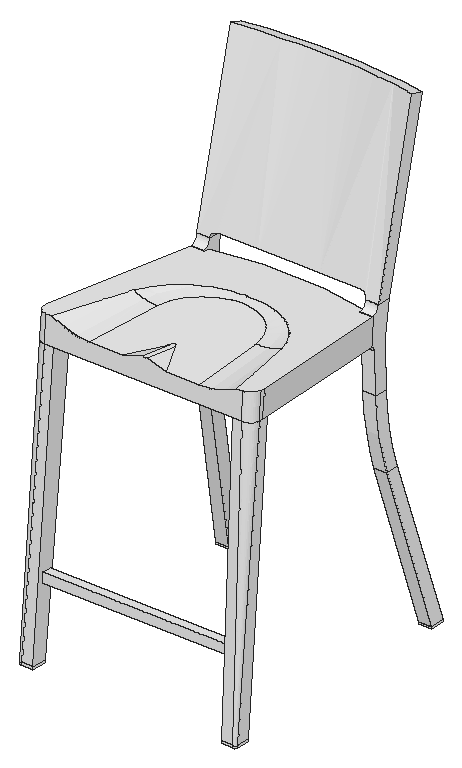
Revit family
Parameters (values of type "HUDCTR-24P")
  Width = 17 3/4"
  Weight (lbs) = 9
  Warranties = "Life-time Warranty"  # constant formula
  URL = "www.emeco.net"
  Trolly for tow Stacks = "N/A"
  Stackable = "Does Not Stack"  # constant formula
  Spinneybeck Volo Leather = "Yes"  # constant formula
  Sound Attenuation Pad = ""
  Seat Pad Finish = EMECO-Black Vinyl
  Seat Pad Accessory [instance] = no
  Seat Material = "EMECO-Recycled Aluminum"  # constant formula
  Seat Height = 24"
  Product Name = "Hudson Counter Stool"  # constant formula
  Outdoor Warranty = "N/A"
  Model = "HUDCTR-24P"
  Manufacturer = "Emeco"  # constant formula
  Integrated Felt Glide = "Yes"  # constant formula
  Height = 37"
  Glides = EMECO-Lexan® Glides
  Frame Material = "EMECO-Recycled Aluminum"  # constant formula
  Frame Finish = EMECO-Hand Polished
  Fire Retardant Seat Pad = "C.o.m; 5yd C.o.l.;10sq Ft"  # constant formula
  Fire Retardant = "Certified Acc To Bs And Cal133"  # constant formula
  Depth = 20 3/4"
  Created by = "Contino"  # constant formula
  Collaborator = "Philippe Starck"  # constant formula
  Back Material = "EMECO-Recycled Aluminum"  # constant formula
  Back Finish = EMECO-Hand Polished
  BIFMA = "Yes"  # constant formula
  Assembly Code = "E2020200"
Types (3): name | Outdoor Warranty | Model | Glides | Frame Finish | Back Finish
  (no name) | "N/A" | "HUDCTR-24P" | EMECO-Lexan® Glides | EMECO-Hand Polished | EMECO-Hand Polished
  HUDCTR-24 | "Life Time Warranty" | "HUDCTR-24" | none | EMECO-Hand Brushed | EMECO-Hand Brushed
  HUDCTR-24P | "N/A" | "HUDCTR-24P" | EMECO-Lexan® Glides | EMECO-Hand Polished | EMECO-Hand Polished
Reference planes (in)
  plane 1 "Center Front/Back": y = 0
  plane 2: z = 0
  plane 3 "Center Left/Right": x = 0
  plane 4 "Top 2": z = 37
  plane 5 "Left 1": x = -8.875
  plane 6 "Front 1": y = -20.75
  plane 7 "Right 1": x = 8.875
  plane 8 "Top 1": z = 24
Forms (in)
  Extrusion 1, solid, material "EMECO-Hand Polished" <- "Frame Finish"
    sketch origin (0, -13.39631, 6.16938) x (1, 0, 0) y (0, 0.997564, -0.069756)
      loop
        line (-7.67717, -7.03553) -> (7.67717, -7.03553)
        arc (7.67717, -7.03553) -> (8.22979, -6.80903) -> (8.46448, -6.25983) r 0.7874
        arc (8.46448, -6.25983) -> (8.47808, -6.09969) -> (8.48087, -5.93899) r 2.38461
        line (8.48087, -5.93899) -> (7.05739, 6.65678)
        arc (7.05739, 6.65678) -> (-0.00036, 7.46876) -> (-7.05774, 6.65365) r 31.01929
        line (-7.05774, 6.65365) -> (-8.48087, -5.93899)
        arc (-8.48087, -5.93899) -> (-8.47808, -6.09969) -> (-8.46448, -6.25983) r 2.38461
        arc (-8.46448, -6.25983) -> (-8.22979, -6.80903) -> (-7.67717, -7.03553) r 0.7874
    from 15.35433 to 17.41119
  Blend 2, solid, material "EMECO-Hand Polished" <- "Back Finish"
    base sketch origin (0, -11.78684, 0) x (1, 0, 0) y (0, 1, 0)
      loop
        line (-7.08659, 10.86996) -> (-7.08659, 9.81574)
        arc (-7.08659, 9.81574) -> (0, 10.76802) -> (7.08659, 9.81574) r 26.84429
        line (7.08659, 9.81574) -> (7.08659, 10.86996)
        arc (7.08659, 10.86996) -> (0, 11.90806) -> (-7.08659, 10.86996) r 24.70731
    top sketch origin (0, -11.78684, 0) x (1, 0, 0) y (0, 1, 0)
      loop
        line (-7.08659, 7.5517) -> (-7.08659, 6.54192) -> (7.08659, 6.54192) -> (7.08659, 7.5517) -> (-7.08659, 7.5517)
    from 37.06003 to 23.71922
  Extrusion 3, solid, material "EMECO-Hand Polished" <- "Frame Finish"
    sketch origin (0, -12.53684, 0) x (0, 1, 0) y (0, 0, -1)
      loop
        line (11.85372, -0.125) -> (10.82044, -0.125) -> (7.7734, -11.83804)
        arc (7.7734, -11.83804) -> (7.22419, -14.62697) -> (7.01034, -17.46141) r 23.875
        line (7.01034, -17.46141) -> (6.96095, -20.59785)
        arc (6.96095, -20.59785) -> (6.82153, -20.91317) -> (6.50198, -21.0426) r 0.4592
        line (6.50198, -21.0426) -> (6.74122, -23.08615)
        arc (6.74122, -23.08615) -> (7.13388, -23.30063) -> (7.29192, -23.71922) r 0.64373
        line (7.29192, -23.71922) -> (8.29972, -23.71922) -> (8.05014, -21.72521)
        arc (8.05014, -21.72521) -> (7.99099, -21.13045) -> (7.96209, -20.53346) r 11.7736
        line (7.96209, -20.53346) -> (8.01021, -17.47715)
        arc (8.01021, -17.47715) -> (8.12919, -15.393) -> (8.41966, -13.32576) r 25.2897
        line (8.41966, -13.32576) -> (11.85372, -0.125)
    from 5.19064 to 8.85173
  Extrusion 4, void
    sketch origin (0, -12.53684, 0) x (-1, 0, 0) y (0, 0, -1)
      loop
        line (7.47068, 0.125) -> (4.44848, 0.125) -> (4.44848, -27.73241) -> (10.94848, -27.73241) -> (10.94848, 0.125) -> (8.45982, 0.125)
        arc (8.45982, 0.125) -> (7.79747, -5.84705) -> (7.33687, -11.83804) r 178.1761
        arc (7.33687, -11.83804) -> (7.19067, -14.64875) -> (7.08888, -17.46141) r 178.1761
        arc (7.08888, -17.46141) -> (7.04407, -20.5903) -> (7.08659, -23.71922) r 112.12026
        line (7.08659, -23.71922) -> (6.08661, -23.71922) -> (6.08661, -17.9493)
        arc (6.08661, -17.9493) -> (6.19095, -14.89255) -> (6.34774, -11.83804) r 178.1761
        arc (6.34774, -11.83804) -> (6.80834, -5.84705) -> (7.47068, 0.125) r 178.1761
    from -14.00461 to -4.78307
  Extrusion 5, void
    sketch origin (0, -12.53684, 5.72598) x (1, 0, 0) y (0, 0, 1)
      loop
        arc (-5.58654, 18.49324) -> (-5.94015, 18.34677) -> (-6.08661, 17.99316) r 0.50007
        line (-6.08661, 17.99316) -> (-6.08661, 17.36018) -> (6.08797, 17.36018) -> (6.08797, 18.00107)
        arc (6.08797, 18.00107) -> (5.94382, 18.34909) -> (5.5958, 18.49324) r 0.49217
        line (5.5958, 18.49324) -> (-5.58654, 18.49324)
    from -9.33335 to -5.72296
  Extrusion 6, solid, material "EMECO-Black Vinyl" <- "Seat Pad Finish", visible <- "Seat Pad Accessory"
    sketch origin (0, -12.51045, 6.4193) x (1, 0, 0) y (0, 0.997536, -0.070161)
      loop
        line (-7.69586, -7.91214) -> (7.69586, -7.91214)
        arc (7.69586, -7.91214) -> (8.28828, -7.60533) -> (8.49952, -6.9725) r 0.88739
        line (8.49952, -6.9725) -> (8.46457, -6.42014) -> (7.0093, 5.80591)
        arc (7.0093, 5.80591) -> (-0.00084, 6.60473) -> (-7.01015, 5.79873) r 31.01929
        line (-7.01015, 5.79873) -> (-8.46457, -6.42013) -> (-8.49952, -6.9725)
        arc (-8.49952, -6.9725) -> (-8.28828, -7.60533) -> (-7.69586, -7.91214) r 0.88739
    from 17.09691 to 17.57515
  Extrusion 7, void
    sketch origin (0, -12.53684, 0) x (0, 1, 0) y (0, 0, 1)
      loop
        line (13.32858, 38.06238) -> (10.83584, 38.87232) -> (10.26579, 37.11788) -> (12.7758, 36.36109) -> (13.32858, 38.06238)
    from -11.56263 to 12
  Extrusion 8, solid, material "EMECO-Hand Polished" <- "Frame Finish"
    sketch origin (0, 0, 0) x (0, 1, 0) y (0, 0, 1)
      loop
        line (-19.42784, 5.8006) -> (-19.37786, 6.51536) -> (-20.16335, 6.57029) -> (-20.21333, 5.85552) -> (-19.42784, 5.8006)
    from -7.38976 to 7.4942
  Blend 9, solid, material "EMECO-Hand Polished" <- "Frame Finish"
    base sketch origin (0, -12.53366, 0) x (-1, 0, 0) y (0, -1, 0)
      loop
        line (-7.33957, 8.34691) -> (-8.26772, 8.34691)
        arc (-8.26772, 8.34691) -> (-8.40691, 8.28925) -> (-8.46457, 8.15006) r 0.19685
        line (-8.46457, 8.15006) -> (-8.46457, 7.22191) -> (-7.33957, 7.22191) -> (-7.33957, 8.34691)
    top sketch origin (0, -12.53366, 0) x (-1, 0, 0) y (0, -1, 0)
      loop
        line (-6.96466, 5.3068) -> (-6.96466, 6.8068) -> (-7.67717, 6.8068)
        spline (-7.67717, 6.8068) -> (-7.77994, 6.80008) -> (-7.88096, 6.78004) -> (-7.97849, 6.74701) -> (-8.07087, 6.70157) -> (-8.1565, 6.64449) -> (-8.23394, 6.57674) -> (-8.30185, 6.49949) -> (-8.35907, 6.41406) -> (-8.40463, 6.32191) -> (-8.43774, 6.22462) -> (-8.45783, 6.12385) -> (-8.46457, 6.02132)
        line (-8.46457, 6.02132) -> (-8.46466, 5.3068) -> (-6.96466, 5.3068)
    from 0.1875 to 21.97709
  Extrusion 10, solid, material "EMECO-Black Vinyl" <- "Seat Pad Finish", visible <- "Seat Pad Accessory"
    sketch origin (-0.00646, -10.99052, 4.92552) x (1, 0, 0) y (0, 0.069756, 0.997564)
      loop
        line (-4.3007, 17.70968) -> (-1.74617, 17.70966)
        arc (-1.74617, 17.70966) -> (-0.96645, 17.88203) -> (-0.20684, 18.12834) r 8.32274
        arc (-0.20684, 18.12834) -> (-0.00643, 18.16496) -> (0.19398, 18.12834) r 0.56658
        arc (0.19398, 18.12834) -> (0.95359, 17.88203) -> (1.73331, 17.70966) r 8.32274
        line (1.73331, 17.70966) -> (4.29733, 17.70968)
        arc (4.29733, 17.70968) -> (5.81055, 17.90637) -> (7.22285, 18.48422) r 5.90545
        line (7.22285, 18.48422) -> (-7.22623, 18.48422)
        arc (-7.22623, 18.48422) -> (-5.81392, 17.90637) -> (-4.3007, 17.70968) r 5.90545
    from 6.93907 to 9.52553
  Extrusion 11, void
    sketch origin (0, -2.78074, 5.36005) x (0, 0.997564, -0.069756) y (0, 0.069756, 0.997564)
      loop
        line (-17.68161, 17.61699) -> (-18.06559, 17.61699) -> (-18.06559, 16.5839) -> (-17.68161, 16.5839) -> (-17.68161, 17.61699)
    from -3.32715 to 2.87922
  Extrusion 12, solid, material "EMECO-Hand Polished" <- "Frame Finish"
    sketch origin (-0.01289, -2.88531, 2.96692) x (1, 0, 0) y (0, 0.148347, 0.988935)
      loop
        arc (-0.20043, 18.05396) -> (-1.05652, 17.78289) -> (-1.93677, 17.6054) r 8.34335
        line (-1.93677, 17.6054) -> (1.93677, 17.6054)
        arc (1.93677, 17.6054) -> (1.05652, 17.78289) -> (0.20043, 18.05396) r 8.34335
        arc (0.20043, 18.05396) -> (0, 18.09048) -> (-0.20043, 18.05396) r 0.56823
    from 11.40776 to 19.46107
  Extrusion 13, solid, material "EMECO-Hand Polished" <- "Frame Finish"
    sketch origin (0, -12.53684, 0) x (0, 1, 0) y (0, 0, 1)
      loop
        line (11.85372, 0.125) -> (8.41966, 13.32576)
        arc (8.41966, 13.32576) -> (8.12919, 15.393) -> (8.01021, 17.47715) r 25.2897
        line (8.01021, 17.47715) -> (7.96209, 20.53346)
        arc (7.96209, 20.53346) -> (7.99099, 21.13045) -> (8.05014, 21.72521) r 11.7736
        line (8.05014, 21.72521) -> (8.29972, 23.71922) -> (7.29192, 23.71922)
        arc (7.29192, 23.71922) -> (7.13388, 23.30063) -> (6.74122, 23.08615) r 0.64373
        line (6.74122, 23.08615) -> (6.50198, 21.0426)
        arc (6.50198, 21.0426) -> (6.82153, 20.91317) -> (6.96095, 20.59785) r 0.4592
        line (6.96095, 20.59785) -> (7.01034, 17.46141)
        arc (7.01034, 17.46141) -> (7.22419, 14.62697) -> (7.7734, 11.83804) r 23.875
        line (7.7734, 11.83804) -> (10.82044, 0.125) -> (11.85372, 0.125)
    from 5.19064 to 8.85173
  Extrusion 14, void
    sketch origin (0, -12.53684, 0) x (1, 0, 0) y (0, 0, 1)
      loop
        arc (7.47068, -0.125) -> (6.80834, 5.84705) -> (6.34774, 11.83804) r 178.1761
        arc (6.34774, 11.83804) -> (6.19095, 14.89255) -> (6.08661, 17.9493) r 178.1761
        line (6.08661, 17.9493) -> (6.08661, 23.71922) -> (7.08659, 23.71922)
        arc (7.08659, 23.71922) -> (7.04407, 20.5903) -> (7.08888, 17.46141) r 112.12026
        arc (7.08888, 17.46141) -> (7.19067, 14.64875) -> (7.33687, 11.83804) r 178.1761
        arc (7.33687, 11.83804) -> (7.79747, 5.84705) -> (8.45982, -0.125) r 178.1761
        line (8.45982, -0.125) -> (10.94848, -0.125) -> (10.94848, 27.73241) -> (4.44848, 27.73241) -> (4.44848, -0.125) -> (7.47068, -0.125)
    from -14.00461 to -4.78307
  Sweep 15, void
    path in 3D
      loop
        line (-4.41763, -20.66424, 23.25628) -> (-3.83185, -13.18715, 23.25628)
        arc (-3.83185, -13.18715, 23.25628) -> (-0.00815, -9.6513, 23.25628) -> (3.81555, -13.18715, 23.25628) r 3.83542
        line (3.81555, -13.18715, 23.25628) -> (4.40134, -20.66424, 23.25628)
    profile origin (-4.12474, -16.92569, 23.25628) x (-0.996937, 0.078104, -0.004093) y (-0.004081, 0.00032, 0.999992)
      loop
        spline (0, 0) -> (0.25454, 0.00653) -> (0.50857, 0.02403) -> (0.76162, 0.05246) -> (1.01321, 0.09178) -> (1.26288, 0.14191) -> (1.51017, 0.20276) -> (1.75463, 0.27422) -> (1.9958, 0.35615) -> (2.23323, 0.44841) -> (2.46649, 0.55082) -> (2.69514, 0.66319) -> (2.91877, 0.78532)
        line (2.91877, 0.78532) -> (-0.00317, 0.77336) -> (0, 0)
  Extrusion 16, void
    sketch origin (0, 0, -5.54297) x (1, 0, 0) y (0, 1, 0)
      loop
        line (-4.46352, -21.25) -> (4.44723, -21.25) -> (3.81555, -13.18715)
        arc (3.81555, -13.18715) -> (-0.00815, -9.6513) -> (-3.83185, -13.18715) r 3.83542
        line (-3.83185, -13.18715) -> (-4.46352, -21.25)
    from 28.79925 to 29.85235
  Extrusion 17, void
    sketch origin (0, 0, 0) x (0, 1, 0) y (0, 0, 1)
      loop
        line (-19.42453, 21.98274) -> (-17.73939, 21.86491) -> (-17.67837, 22.73755) -> (-19.36351, 22.85538) -> (-19.42453, 21.98274)
    from -10.50514 to 9.67276
  Extrusion 18, solid, material "EMECO-Lexan® Glides" <- "Glides"
    sketch origin (0, 0, 0) x (1, 0, 0) y (0, 1, 0)
      loop
        line (7.33957, -19.75557) -> (7.33957, -20.88057) -> (8.26772, -20.88057)
        arc (8.26772, -20.88057) -> (8.40691, -20.82291) -> (8.46457, -20.68372) r 0.19685
        line (8.46457, -20.68372) -> (8.46457, -19.75557) -> (7.33957, -19.75557)
    from 0 to 0.1875
  Extrusion 19, solid, material "EMECO-Lexan® Glides" <- "Glides"
    sketch origin (0, 0, 0) x (-1, 0, 0) y (0, -1, 0)
      loop
        line (7.33957, 19.75557) -> (8.46457, 19.75557) -> (8.46457, 20.68372)
        arc (8.46457, 20.68372) -> (8.40691, 20.82291) -> (8.26772, 20.88057) r 0.19685
        line (8.26772, 20.88057) -> (7.33957, 20.88057) -> (7.33957, 19.75557)
    from 0 to 0.1875
  Blend 20, solid, material "EMECO-Hand Polished" <- "Frame Finish"
    base sketch origin (0, -12.53366, 0) x (1, 0, 0) y (0, 1, 0)
      loop
        line (-7.33957, -8.34691) -> (-7.33957, -7.22191) -> (-8.46457, -7.22191) -> (-8.46457, -8.15006)
        arc (-8.46457, -8.15006) -> (-8.40691, -8.28925) -> (-8.26772, -8.34691) r 0.19685
        line (-8.26772, -8.34691) -> (-7.33957, -8.34691)
    top sketch origin (0, -12.53366, 0) x (1, 0, 0) y (0, 1, 0)
      loop
        line (-6.96466, -5.3068) -> (-8.46466, -5.3068) -> (-8.46457, -6.02132)
        spline (-8.46457, -6.02132) -> (-8.45783, -6.12385) -> (-8.43774, -6.22462) -> (-8.40463, -6.32191) -> (-8.35907, -6.41406) -> (-8.30185, -6.49949) -> (-8.23394, -6.57674) -> (-8.1565, -6.64449) -> (-8.07087, -6.70157) -> (-7.97849, -6.74701) -> (-7.88096, -6.78004) -> (-7.77994, -6.80008) -> (-7.67717, -6.8068)
        line (-7.67717, -6.8068) -> (-6.96466, -6.8068) -> (-6.96466, -5.3068)
    from 0.1875 to 21.97709
  Extrusion 21, solid, material "EMECO-Lexan® Glides" <- "Glides"
    sketch origin (0, 0, 0) x (1, 0, 0) y (0, 1, 0)
      loop
        line (7.43886, -0.68312) -> (7.43886, -1.7164) -> (8.42799, -1.7164) -> (8.42799, -0.68312) -> (7.43886, -0.68312)
    from 0 to 0.125
  Extrusion 22, solid, material "EMECO-Lexan® Glides" <- "Glides"
    sketch origin (0, 0, 0) x (-1, 0, 0) y (0, -1, 0)
      loop
        line (7.43886, 0.68312) -> (8.42799, 0.68312) -> (8.42799, 1.7164) -> (7.43886, 1.7164) -> (7.43886, 0.68312)
    from 0 to 0.125
Cuts and joins
  Extrusion 4, Extrusion 14 cuts Extrusion 3
  Extrusion 5, Extrusion 7 cuts Blend 2
  Sweep 15, Extrusion 16 cuts Extrusion 1
  Extrusion 11, Extrusion 14 cuts Extrusion 12
  joined: Extrusion 1, Extrusion 12
  Extrusion 14 cuts Extrusion 13
  Extrusion 17 cuts Blend 9
  Extrusion 17 cuts Blend 20
Lines and regions (in)
  Masking region 1
    outline origin (0, -9.58415, 0) x (0, 1, 0) y (0, 0, 1)
      loop
        line (-9.61931, 24.02919) -> (-11.29953, 0.00095) -> (-10.28377, 0.00095) -> (-8.22062, 21.87154) -> (3.58644, 21.0411)
        arc (3.58644, 21.0411) -> (3.88193, 20.89997) -> (4.00827, 20.59785) r 0.4592
        line (4.00827, 20.59785) -> (4.05765, 17.46141)
        arc (4.05765, 17.46141) -> (4.27151, 14.62697) -> (4.82071, 11.83804) r 23.875
        line (4.82071, 11.83804) -> (7.90027, 0) -> (8.93355, 0) -> (5.46698, 13.32576)
        arc (5.46698, 13.32576) -> (5.17651, 15.393) -> (5.05752, 17.47715) r 25.2897
        line (5.05752, 17.47715) -> (5.00258, 20.9672) -> (5.40962, 24.21922)
        arc (5.40962, 24.21922) -> (5.46286, 24.61247) -> (5.52398, 25.00457) r 19.75453
        arc (5.52398, 25.00457) -> (5.60352, 25.35483) -> (5.69081, 25.70323) r 16.18256
        line (5.69081, 25.70323) -> (6.50851, 28.28054) -> (8.6536, 33.72533) -> (9.52367, 36.43575) -> (7.62322, 37.00875) -> (4.72355, 25.95701)
        arc (4.72355, 25.95701) -> (4.51794, 25.09617) -> (4.39847, 24.21922) r 8.93892
        line (4.39847, 24.21922) -> (4.33691, 23.69625)
        arc (4.33691, 23.69625) -> (4.15821, 23.30306) -> (3.78459, 23.08643) r 0.70922
        line (3.78459, 23.08643) -> (-9.61931, 24.02919)
  Masking region 2
    outline origin (0.00518, 0, 0) x (1, 0, 0) y (0, 0, 1)
      loop
        line (7.08222, 23.99575) -> (7.08824, 37.01223)
        spline (7.08824, 37.01223) -> (5.92612, 36.93326) -> (4.75354, 36.86845) -> (3.57256, 36.81791) -> (2.38528, 36.78173) -> (1.19378, 36.75996) -> (0.00017, 36.75266) -> (-1.19345, 36.75983) -> (-2.38498, 36.78147) -> (-3.57231, 36.81752) -> (-4.75335, 36.86794) -> (-5.92601, 36.93262) -> (-7.08824, 37.01146)
        line (-7.08824, 37.01146) -> (-7.08222, 23.99575)
        arc (-7.08222, 23.99575) -> (-7.77139, 24.01138) -> (-8.4595, 23.97017) r 8.35957
        line (-8.4595, 23.97017) -> (-8.4595, 0) -> (-7.33454, 0)
        arc (-7.33454, 0) -> (-6.99299, 2.86875) -> (-6.69799, 5.74266) r 178.1761
        line (-6.69799, 5.74266) -> (6.69787, 5.74266)
        arc (6.69787, 5.74266) -> (6.99287, 2.86875) -> (7.33443, 0) r 178.1761
        line (7.33443, 0) -> (8.4595, 0) -> (8.4595, 23.97017)
        arc (8.4595, 23.97017) -> (7.77139, 24.01138) -> (7.08222, 23.99575) r 8.35957
      loop
        arc (6.08143, 21.00202) -> (-0.00518, 20.94202) -> (-6.0918, 21.00222) r 308.25917
        line (-6.0918, 21.00222) -> (-6.0918, 14.42343)
        arc (-6.0918, 14.42343) -> (-6.15516, 13.13049) -> (-6.22792, 11.83804) r 178.1761
        arc (-6.22792, 11.83804) -> (-6.40502, 9.2091) -> (-6.62097, 6.58307) r 178.1761
        line (-6.62097, 6.58307) -> (6.61061, 6.58307)
        arc (6.61061, 6.58307) -> (6.39465, 9.2091) -> (6.21756, 11.83804) r 178.1761
        arc (6.21756, 11.83804) -> (6.1448, 13.13049) -> (6.08143, 14.42343) r 178.1761
        line (6.08143, 14.42343) -> (6.08143, 21.00202)
      loop
        line (5.58796, 24.21922) -> (-5.59833, 24.21922)
        arc (-5.59833, 24.21922) -> (-5.92186, 24.09794) -> (-6.08595, 23.79387) r 0.49217
        arc (-6.08595, 23.79387) -> (-5.69156, 23.6765) -> (-5.28936, 23.5896) r 5.38111
        arc (-5.28936, 23.5896) -> (-4.82394, 23.52833) -> (-4.35494, 23.50785) r 5.38111
        line (-4.35494, 23.50785) -> (-1.94523, 23.50785)
        arc (-1.94523, 23.50785) -> (-1.17414, 23.64655) -> (-0.4282, 23.88609) r 5.90648
        arc (-0.4282, 23.88609) -> (-0.37028, 23.90702) -> (-0.31121, 23.92442) r 1.01876
        arc (-0.31121, 23.92442) -> (-0.16055, 23.96994) -> (-0.00518, 23.99506) r 1.18364
        arc (-0.00518, 23.99506) -> (0.13924, 23.97241) -> (0.27977, 23.93213) r 1.18364
        arc (0.27977, 23.93213) -> (0.35486, 23.91194) -> (0.4282, 23.88609) r 1.01876
        arc (0.4282, 23.88609) -> (1.17414, 23.64655) -> (1.94523, 23.50785) r 5.90648
        line (1.94523, 23.50785) -> (4.35494, 23.50785)
        arc (4.35494, 23.50785) -> (4.82394, 23.52833) -> (5.28936, 23.5896) r 5.38111
        arc (5.28936, 23.5896) -> (5.68649, 23.6752) -> (6.07603, 23.79051) r 5.38111
        arc (6.07603, 23.79051) -> (5.91277, 24.09682) -> (5.58796, 24.21922) r 0.49217
  Masking region 3
    outline origin (0, -13.0028, 0) x (1, 0, 0) y (0, 1, 0)
      loop
        line (7.38976, -6.98731) -> (7.38976, -7.88094) -> (8.26772, -7.88094)
        arc (8.26772, -7.88094) -> (8.40691, -7.82328) -> (8.46457, -7.68409) r 0.19685
        line (8.46457, -7.68409) -> (8.46457, -4.96053) -> (7.08741, 7.1957) -> (7.08741, 7.43302)
        arc (7.08741, 7.43302) -> (7.1494, 7.51108) -> (7.18601, 7.6038) r 0.33891
        arc (7.18601, 7.6038) -> (7.27719, 7.9186) -> (7.34447, 8.23936) r 4.36055
        arc (7.34447, 8.23936) -> (7.81933, 9.80782) -> (8.46457, 11.31421) r 14.81022
        line (8.46457, 11.31421) -> (8.46457, 12.3522) -> (7.45473, 12.3522)
        spline (7.45473, 12.3522) -> (7.42224, 12.28543) -> (7.39013, 12.21865) -> (7.3584, 12.15185) -> (7.32703, 12.08504) -> (7.29604, 12.01822) -> (7.26543, 11.95139) -> (7.23518, 11.88455) -> (7.20531, 11.8177) -> (7.17581, 11.75084) -> (7.14669, 11.68397) -> (7.11794, 11.61709) -> (7.08956, 11.5502)
        line (7.08956, 11.5502) -> (7.08956, 11.99901)
        arc (7.08956, 11.99901) -> (0, 12.94205) -> (-7.08956, 11.99901) r 27.12022
        line (-7.08956, 11.99901) -> (-7.08956, 11.5502)
        spline (-7.08956, 11.5502) -> (-7.11794, 11.61709) -> (-7.14669, 11.68397) -> (-7.17581, 11.75084) -> (-7.20531, 11.8177) -> (-7.23518, 11.88455) -> (-7.26543, 11.95139) -> (-7.29604, 12.01822) -> (-7.32703, 12.08504) -> (-7.3584, 12.15185) -> (-7.39013, 12.21865) -> (-7.42224, 12.28543) -> (-7.45473, 12.3522)
        line (-7.45473, 12.3522) -> (-8.46457, 12.3522) -> (-8.46457, 11.31421)
        arc (-8.46457, 11.31421) -> (-7.81933, 9.80782) -> (-7.34447, 8.23936) r 14.81022
        arc (-7.34447, 8.23936) -> (-7.27719, 7.9186) -> (-7.18601, 7.6038) r 4.36055
        arc (-7.18601, 7.6038) -> (-7.1494, 7.51108) -> (-7.08741, 7.43302) r 0.33891
        line (-7.08741, 7.43302) -> (-7.08741, 7.19569) -> (-8.46457, -4.96053) -> (-8.46457, -7.68356)
        arc (-8.46457, -7.68356) -> (-8.4071, -7.82309) -> (-8.26772, -7.88094) r 0.19685
        line (-8.26772, -7.88094) -> (-7.38976, -7.88094) -> (-7.38976, -6.98731) -> (7.38976, -6.98731)
      loop
        arc (5.57436, 7.82051) -> (5.15581, 7.82984) -> (4.73724, 7.83845) r 240.62816
        spline (4.73724, 7.83845) -> (4.84936, 7.82092) -> (4.96142, 7.80299) -> (5.07341, 7.78465) -> (5.18534, 7.76589) -> (5.29719, 7.74673) -> (5.40898, 7.72717) -> (5.52069, 7.70719) -> (5.63233, 7.68681) -> (5.74389, 7.66602) -> (5.85537, 7.64482) -> (5.96678, 7.62321) -> (6.07811, 7.6012)
        line (6.07811, 7.6012) -> (6.07811, 7.69112)
        spline (6.07811, 7.69112) -> (6.0738, 7.70658) -> (6.06094, 7.72197) -> (6.03974, 7.73704) -> (6.01059, 7.75153) -> (5.97397, 7.76518) -> (5.93051, 7.77776) -> (5.88096, 7.78907) -> (5.82616, 7.7989) -> (5.76707, 7.80708) -> (5.70468, 7.81348) -> (5.64008, 7.81798) -> (5.57436, 7.82051)
      loop
        spline (-5.57436, 7.82051) -> (-5.64008, 7.81798) -> (-5.70468, 7.81348) -> (-5.76707, 7.80708) -> (-5.82616, 7.7989) -> (-5.88096, 7.78907) -> (-5.93051, 7.77776) -> (-5.97397, 7.76518) -> (-6.01059, 7.75153) -> (-6.03975, 7.73704) -> (-6.06094, 7.72197) -> (-6.0738, 7.70658) -> (-6.07811, 7.69112)
        line (-6.07811, 7.69112) -> (-6.07811, 7.6012)
        spline (-6.07811, 7.6012) -> (-5.96678, 7.62321) -> (-5.85538, 7.64482) -> (-5.74389, 7.66602) -> (-5.63233, 7.68681) -> (-5.52069, 7.70719) -> (-5.40898, 7.72717) -> (-5.29719, 7.74673) -> (-5.18534, 7.76589) -> (-5.07341, 7.78465) -> (-4.96142, 7.80299) -> (-4.84936, 7.82092) -> (-4.73724, 7.83845)
        arc (-4.73724, 7.83845) -> (-5.15581, 7.82984) -> (-5.57436, 7.82051) r 240.62816
  symbolic lines
    curve 1: spline (-7.68585, -19.53322, 0) -> (-7.78783, -19.52547, 0) -> (-7.88795, -19.50458, 0) -> (-7.9845, -19.4709, 0) -> (-8.07587, -19.42502, 0) -> (-8.16052, -19.36769, 0) -> (-8.23701, -19.29989, 0) -> (-8.30405, -19.22277, 0) -> (-8.36052, -19.13762, 0) -> (-8.40546, -19.04587, 0) -> (-8.43811, -18.94909, 0) -> (-8.45792, -18.84889, 0) -> (-8.46457, -18.74697, 0)
    curve 2: spline (8.46457, -18.74697, 0) -> (8.45792, -18.84889, 0) -> (8.43811, -18.94909, 0) -> (8.40546, -19.04587, 0) -> (8.36052, -19.13762, 0) -> (8.30405, -19.22277, 0) -> (8.23701, -19.29989, 0) -> (8.16052, -19.36769, 0) -> (8.07587, -19.42502, 0) -> (7.9845, -19.4709, 0) -> (7.88795, -19.50458, 0) -> (7.78783, -19.52547, 0) -> (7.68585, -19.53322, 0)
    curve 3: line (-7.08659, -5.79562, 0) -> (-6.07811, -5.79562, 0)
    curve 4: line (-6.07811, -5.4016, 0) -> (-6.07811, -5.79562, 0)
    curve 5: line (6.07878, -5.80146, 0) -> (6.07811, -5.4016, 0)
    curve 6: line (7.08659, -5.80146, 0) -> (6.07878, -5.80146, 0)
    curve 7: line (7.08741, -5.80146, 0) -> (6.07878, -5.80146, 0)
    curve 8: line (-7.68585, -19.53322, 0) -> (7.68585, -19.53322, 0)
    curve 9: line (-4.73724, -5.16436, 0) -> (4.73724, -5.16436, 0)
    curve 10: spline (-7.08929, -1.97747, 0) -> (-5.92733, -1.71312, 0) -> (-4.75471, -1.49618, 0) -> (-3.57354, -1.32705, 0) -> (-2.38594, -1.20602, 0) -> (-1.19404, -1.13331, 0) -> (0, -1.10907, 0) -> (1.19404, -1.13331, 0) -> (2.38594, -1.20602, 0) -> (3.57354, -1.32705, 0) -> (4.75471, -1.49618, 0) -> (5.92733, -1.71312, 0) -> (7.08929, -1.97747, 0)
    curve 11: line (-7.38976, -19.99012, 0) -> (-7.38976, -19.53322, 0)
    curve 12: line (7.38976, -19.99012, 0) -> (7.38976, -19.53322, 0)
    curve 13: line (0, -0.99797, 36.73403) -> (0, -3.1925, 27.91104)
    curve 14: arc (-7.07704, 0, 23.99575) -> (-6.57202, 0, 23.93314) -> (-6.0736, 0, 23.8305) r 6.38216
    curve 15: arc (7.07704, 0, 23.99575) -> (6.57202, 0, 23.93314) -> (6.0736, 0, 23.8305) r 6.38216
    curve 16: line (-6.95432, 0, 21.98275) -> (6.96468, 0, 21.98275)
    curve 17: line (-6.95432, 0, 21.22009) -> (-6.95432, 0, 21.98275)
    curve 18: line (-6.95725, 0, 21.12438) -> (-6.08662, 0, 21.00202)
    curve 19: line (6.96853, 0, 21.09471) -> (6.08661, 0, 21.00202)
    curve 20: line (6.96468, 0, 21.22009) -> (6.96468, 0, 21.98275)
    curve 21: line (-6.61579, 0, 6.58307) -> (-7.27233, 0, 6.58307)
    curve 22: line (-6.6928, 0, 5.74266) -> (-7.28258, 0, 5.74266)
    curve 23: line (6.61579, 0, 6.58307) -> (7.28265, 0, 6.58307)
    curve 24: line (6.6928, 0, 5.74266) -> (7.29289, 0, 5.74266)
    curve 28: line (8.46457, 0, 0.1875) -> (7.31585, 0, 0.1875)
    curve 29: line (-8.45432, 0, 0.1875) -> (-7.30694, 0, 0.1875)
    curve 30: line (0, -20.87063, 0.1875) -> (0, -19.85032, 0.1875)
    curve 31: line (0, -1.7164, 0.125) -> (0, -0.68312, 0.125)
    curve 32: line (-7.08956, -1.45261, 0) -> (-7.08741, -5.56979, 0)
    curve 33: line (7.08956, -1.45261, 0) -> (7.08741, -5.56979, 0)
    curve 34: arc (-6.95432, 0, 21.22009) -> (-7.21112, 0, 10.61127) -> (-7.32936, 0, 0) r 812.54614
    curve 35: arc (6.96468, 0, 21.22009) -> (7.22149, 0, 10.61127) -> (7.33957, 0, 0) r 811.63858
  sketch lines
    curve 25: line (-4.41763, -20.66424, 23.25628) -> (-3.83185, -13.18715, 23.25628)
    curve 26: arc (-3.83185, -13.18715, 23.25628) -> (-0.00815, -9.6513, 23.25628) -> (3.81555, -13.18715, 23.25628) r 3.83542
    curve 27: line (4.40134, -20.66424, 23.25628) -> (3.81555, -13.18715, 23.25628)
Dimensions and locks (in)
  plane 4 "Top 2" to level = 37"
  level to plane 4 "Top 2" = 37"
  plane 5 "Left 1" to plane 7 "Right 1" = 17 3/4"  (x2)
  plane 8 "Top 1" to level = 24"  (x2)
  plane 1 "Center Front/Back" to plane 6 "Front 1" = 20 3/4"
  plane 6 "Front 1" to plane 1 "Center Front/Back" = 20 3/4"
